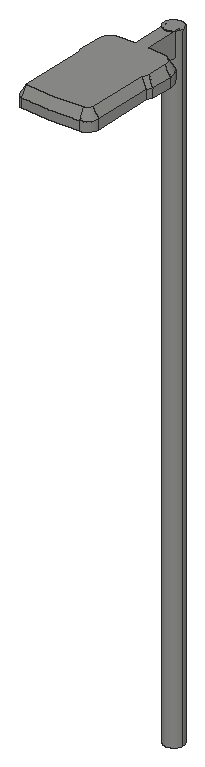
Revit family "VP-2-A_", category Lighting Fixtures, host Face, Revit 2019
Family settings
  Host = Face
  Round Connector Dimension = Use Diameter
  Part Type = Normal
  OmniClass Number = 23.80.70.11.14.17
  OmniClass Title = Direct/Indirect
  Cut with Voids When Loaded = No
  Light Source = No
  Shared = Yes
  Room Calculation Point = No
Parameters (values of type "VP-2-A3")
  Wattage Comments = "168 W"  # constant formula
  Warranty = "Five year warranty"  # constant formula
  Voltage = 120 V
  URL = "https://www.currentlighting.com/beacon"
  Type Comments = "Lighting Fixture"  # constant formula
  Product Page URL = "https://www.currentlighting.com/outdoor-lighting/viper-area-size-2/9606404"
  Product Documentation Link = "https://cdn.currentlighting.com/site/specsheet/BEA_VIPERSPEC.pdf"
  Pole Radius [instance] = Pole Diameter / 2  # 1.75"
  Power Factor = 0.9
  Pole Height [instance] = 120.00"
  Name = "Viper Area Size 2"  # constant formula
  Model = "VP-2-A3"
  Matt Grey = MATT GREY
  Matt Black = Matt Black
  Manufacturer = "Current Lighting"  # constant formula
  Load Classification = Lighting
  Light Output = 12704.00 cd/m²
  Lamp = "LED"  # constant formula
  Grey = Grey
  Glass = Glass
  Pole Diameter [instance] = 3.50"
  Features = "Featuring two different optical technologies, Micro Strike and Strike Optics, which provide the best distribution patterns for retrofit or new construction\r\nVibration rated for high vibration applications including bridges and overpasses\r\nControl options including photo control, occupancy sensing, NX Lighting Controls, wiSCAPE and 7-Pin with networked controls\r\nMounting options include: Arm, Universal Arm, Adjustable Arm, Mast Arm, Decorative Arm, Knuckle, Trunnion, Wall\r\nDistribution options include: Auto Front Row, Type 2, Type 3, Type 4 Forward, Type 4 Wide, Type 5 Narrow, Type 5 Medium, Type 5 Wide, Type 5 Rectangular, Corner Optic, and Tennis Court\r\n\r\n"  # constant formula
  Copyright = "© 2022 Current Lighting"  # constant formula
  Cool Grey = Cool Grey
  Contact Us = "https://www.currentlighting.com/contact-us"
  Certification = "UL"  # constant formula
  Description = "The Viper is an extremely versatile area/site luminaire which blends design, performance, and technology for a variety of applications."  # constant formula
  Default Elevation = 48.00"
  Finish = Arctic White
  Matt White = Matt White
  CRI = "70"  # constant formula
  Brand = "Beacon"  # constant formula
  Assembly Code = "D5020200"
  Apparent Load = 168 VA  # constant formula
Reference planes (in)
  plane 1 "Center (Front/Back)": y = 6.16697
  plane 2: z = 0
  plane 3 "Center (Left/Right)": x = 0
  plane 4: z = 3.75
  plane 5: z = -4.44
  plane 6: x = -1.75
  plane 7: x = 1.75
  plane 8: y = 4.41697
  plane 9: y = 7.91697
  plane 10: z = 120
Forms (in)
  Extrusion 1, solid, material "Cool Grey" <- "Cool Grey"
    sketch origin (0, 0, 0) x (1, 0, 0) y (0, 1, 0)
      loop
        circle (0, 6.16697) r 1.75
    from 0 to 120
Lines and regions (in)
  reference lines
    curve 1: line (0, 14.42606, -3.25) -> (0, 17.42606, -0.25)
    curve 2: line (0, -2.09213, -3.25) -> (0, 14.42606, -3.25)
    curve 3: line (0, -5.09213, -0.25) -> (0, -2.09213, -3.25)
    curve 4: line (0, 14.42606, -3.25) -> (0, 17.42606, -0.25)
    curve 5: line (0, -5.09213, -0.25) -> (0, 17.42606, -0.25)
    curve 6: line (0, 17.17606, -0.77432) -> (0, 17.92606, -0.77432)
    curve 7: line (0, 17.17606, -1.52432) -> (0, 17.17606, -0.77432)
    curve 8: line (0, 16.69614, -1.52432) -> (0, 17.17606, -1.52432)
    curve 9: line (0, 14.92606, -4.25) -> (0, 16.69614, -1.52432)
    curve 10: line (0, -4.3622, -1.52432) -> (0, -2.59213, -4.25)
    curve 11: line (0, -4.84213, -1.52432) -> (0, -4.3622, -1.52432)
    curve 12: line (0, -4.84213, -0.77432) -> (0, -4.84213, -1.52432)
    curve 13: line (0, -5.59213, -0.77432) -> (0, -4.84213, -0.77432)
Dimensions and locks (in)
  plane 4 to plane 2 = 3.75"
  "Pole Diameter": plane 8 to plane 9
  equal spacing: plane 8, plane 1 "Center (Front/Back)", plane 9
  equal spacing: plane 6, plane 3 "Center (Left/Right)", plane 7
  "Pole Diameter": plane 6 to plane 7
  "Pole Height": plane 10 to plane 2
  "Pole Radius": radius of Extrusion 1 sketch curve
  aligned and locked: plane 2 to host face
  aligned and locked: level to host face
  aligned and locked: plane 10 to Extrusion 1
  aligned and locked: plane 3 "Center (Left/Right)" to nested 1
  aligned and locked: nested 1 to plane 10
Automatic sketch dimensions
  host sketch curve to host sketch curve = 96.00"
  host sketch curve to host sketch curve = 85.00"
  curve 3 to level = 0.25"
  plane 8 to curve 3 = 9.50909"
  curve 3 to curve 12 = 0.25"
  curve 11 to curve 11 = 0.47992"
  curve 2 to plane 5 = 1.19"
  curve 10 to curve 2 = 2.27008"
  curve 1 to plane 9 = 6.50909"
  curve 9 to level = 1.52432"
  curve 1 to curve 9 = 2.27008"
  curve 8 to curve 8 = 0.47992"
  curve 6 to curve 4 = 0.25"
  curve 10 to curve 3 = 1.27432"
  curve 7 to curve 1 = 0.52432"
  curve 12 to curve 3 = 0.52432"
  curve 13 to curve 3 = 0.50"
  curve 10 to plane 5 = 0.19"
  curve 10 to curve 2 = 0.50"
  curve 9 to plane 5 = 0.19"
  curve 1 to curve 9 = 0.50"
  curve 1 to curve 6 = 0.50"
  plane 1 "Center (Front/Back)" to Extrusion 1 sketch curve = 0.00"
  Extrusion 1 sketch curve to plane 3 "Center (Left/Right)" = 0.00"
Nested families (in)
  nested 1: "SIZE2" at (0, 4.41697, 118.26) x (1, 0, 0) z (0, -1, 0), type "SIZE2"
Connectors (in)
  electrical at (0, 6.16697, 0), driven by "Power Factor", driven by "Apparent Load", driven by "Voltage"
    settings: on Extrusion 1, index 1, voltage 120 V, apparent load 168 VA, apparent load phase1 0 VA, apparent load phase2 0 VA, apparent load phase3 0 VA, power factor 0.9, load classification "Other", number of poles 1, system type 30, power factor state 1, is connector primary yes, connector utility no, sub classification motor no, connector description "Light Fixture"
Definition of nested family "SIZE2"
  Parameters (values of type "SIZE2")
    Width = 14.38"
    Wattage = 168 W
    built-in parameter 1150110 = 1 (stored number, unit not read)
    built-in parameter 1114217 = 1 (stored number, unit not read)
    Tilt Angle = 160.00°
    built-in parameter 1150109 = 1 (stored number, unit not read)
    built-in parameter 1150134 = 3
    built-in parameter 1150113 = 1 (stored number, unit not read)
    Photometric Web File = "VP-2-320L-170-3K7-4-BC.ies"
    Mount Length = 5.00"
    built-in parameter 1150105 = 1016 (stored number, unit not read)
    Lumens = 12768 lm
    built-in parameter 1150115 = 1 (stored number, unit not read)
    built-in parameter 1150137 = (empty or 0)
    built-in parameter 1150139 = (empty or 0)
    Length = 21.88"
    built-in parameter 1150112 = 1 (stored number, unit not read)
    built-in parameter 1150114 = 1 (stored number, unit not read)
    built-in parameter 1150132 = (empty or 0)
    built-in parameter 1150102 = (empty or 0)
    built-in parameter 1150107 = 3200 (stored number, unit not read)
    built-in parameter 1150138 = (empty or 0)
    built-in parameter 1150106 = 10.16 (stored number, unit not read)
    Glass = none
    Fixture = none
    built-in parameter 1150104 = 7.0606 (stored number, unit not read)
    Dimming Lamp Color Temperature Shift = (empty or 0)
    Default Elevation = 48.00"
    Color Filter = 16777215
    built-in parameter 1114218 = 1 (stored number, unit not read)
    built-in parameter 1150133 = 10 (stored number, unit not read)
  Reference planes (in)
    plane 1 "Center (Front/Back)": y = 0
    plane 2: z = 0
    plane 3 "Center (Left/Right)": x = 0
    plane 4: x = 7.19
    plane 5: x = -7.19
    plane 6: z = 5
    plane 7: z = 26.88
    plane 8: y = -1.74
    plane 9: y = 1.74
  Forms (in)
    Extrusion 1, solid
      sketch origin (0, 0, 0) x (1, 0, 0) y (0, 1, 0)
        loop
          line (-48, 48) -> (-48, -48) -> (48, -48) -> (48, 48) -> (-48, 48)
      from 0 to -12
    Extrusion 2, solid, material <- "Fixture"
      sketch origin (0, 0, 0) x (1, 0, 0) y (0, 0, 1)
        loop
          line (-6.90972, 13.22202) -> (-7.315, 12.17799) -> (-7.315, 8.14521)
          arc (-7.315, 8.14521) -> (-6.65907, 6.18733) -> (-4.95604, 5.01974) r 3.25
          arc (-4.95604, 5.01974) -> (0, 4.60164) -> (4.95604, 5.01974) r 29.58274
          arc (4.95604, 5.01974) -> (6.65907, 6.18733) -> (7.315, 8.14521) r 3.25
          line (7.315, 8.14521) -> (7.315, 12.17799) -> (6.8775, 13.30502) -> (6.8775, 24.46879)
          arc (6.8775, 24.46879) -> (6.31653, 25.85775) -> (4.9483, 26.46754) r 2
          arc (4.9483, 26.46754) -> (-0.47287, 26.80918) -> (-5.88692, 26.36884) r 37.73107
          arc (-5.88692, 26.36884) -> (-6.62058, 25.93919) -> (-6.90972, 25.13966) r 1.25
          line (-6.90972, 25.13966) -> (-6.90972, 13.22202)
      from 0 to 1.74
    Extrusion 3, solid, material <- "Fixture"
      sketch origin (0, 0, 0) x (0, 1, 0) y (0, 0, 1)
        loop
          line (1.74, 5.63918) -> (-1.6273, 5.63918) -> (-2.86955, -1.406) -> (1.74, -1.406) -> (1.74, 5.63918)
      from -1.24 to 1.24
    Extrusion 4, void
      sketch origin (0, 0, 1.125) x (1, 0, 0) y (0, 0, 1)
        loop
          line (-5.94707, 9.88637) -> (-5.94707, 8.88637)
          arc (-5.94707, 8.88637) -> (-0.00354, 7.88584) -> (5.94, 8.88637) r 18.15382
          line (5.94, 8.88637) -> (5.94, 9.88637)
          arc (5.94, 9.88637) -> (-0.00354, 8.88584) -> (-5.94707, 9.88637) r 18.15382
        loop
          line (-5.85535, 7.87828) -> (-5.85535, 7.60486)
          arc (-5.85535, 7.60486) -> (0.0002, 6.63584) -> (5.85535, 7.60727) r 18.15382
          line (5.85535, 7.60727) -> (5.85535, 7.88068)
          arc (5.85535, 7.88068) -> (0.0002, 6.91466) -> (-5.85535, 7.87828) r 18.25
        loop
          line (-5.85535, 7.12828) -> (-5.85535, 6.85486)
          arc (-5.85535, 6.85486) -> (0.0002, 5.88584) -> (5.85535, 6.85727) r 18.15382
          line (5.85535, 6.85727) -> (5.85535, 7.13068)
          arc (5.85535, 7.13068) -> (0.0002, 6.16466) -> (-5.85535, 7.12828) r 18.25
      from 1 to 1.75
    Blend 5, solid, material <- "Fixture"
      base sketch origin (0, 0, 0) x (1, 0, 0) y (0, 0, 1)
        loop
          arc (6.8775, 24.46879) -> (6.31653, 25.85775) -> (4.9483, 26.46754) r 2
          arc (4.9483, 26.46754) -> (-0.47287, 26.80918) -> (-5.88692, 26.36884) r 37.73107
          arc (-5.88692, 26.36884) -> (-6.62058, 25.93919) -> (-6.90972, 25.13966) r 1.25
          line (-6.90972, 25.13966) -> (-6.90972, 13.22202) -> (-7.315, 12.17799) -> (-7.315, 8.14521)
          arc (-7.315, 8.14521) -> (-6.65907, 6.18733) -> (-4.95604, 5.01974) r 3.25
          arc (-4.95604, 5.01974) -> (0, 4.60164) -> (4.95604, 5.01974) r 29.58274
          arc (4.95604, 5.01974) -> (6.65907, 6.18733) -> (7.315, 8.14521) r 3.25
          line (7.315, 8.14521) -> (7.315, 12.17799) -> (6.8775, 13.30502) -> (6.8775, 24.46879)
      top sketch origin (0, 0, 0) x (1, 0, 0) y (0, 0, 1)
        loop
          arc (5.8775, 24.46879) -> (5.58249, 25.17801) -> (4.87152, 25.46878) r 1
          arc (4.87152, 25.46878) -> (-0.42416, 25.80959) -> (-5.71369, 25.38377) r 36.73111
          arc (-5.71369, 25.38377) -> (-5.85465, 25.2962) -> (-5.90972, 25.13966) r 0.25
          line (-5.90972, 25.13966) -> (-5.90972, 13.03474) -> (-6.315, 11.99071) -> (-6.315, 8.14521)
          arc (-6.315, 8.14521) -> (-5.87115, 6.80345) -> (-4.71471, 5.99106) r 2.25
          arc (-4.71471, 5.99106) -> (0, 5.59956) -> (4.71471, 5.99106) r 28.58482
          arc (4.71471, 5.99106) -> (5.87115, 6.80345) -> (6.315, 8.14521) r 2.25
          line (6.315, 8.14521) -> (6.315, 11.99071) -> (5.8775, 13.11774) -> (5.8775, 24.46879)
      from 0 to -1.74
    Extrusion 6, void
      sketch origin (0, 0, 0) x (1, 0, 0) y (0, 0, 1)
        loop
          arc (-5.91108, 12.63948) -> (0.07704, 12.98149) -> (6.065, 12.63674) r 52.38328
          line (6.065, 12.63674) -> (6.065, 24.56182) -> (-5.91108, 24.56182) -> (-5.91108, 12.63948)
      from 1 to 1.75
    Extrusion 7, solid, material <- "Glass"
      sketch origin (0, 0, -0.25) x (1, 0, 0) y (0, 0, 1)
        loop
          arc (-5.06487, 24.56182) -> (-5.31236, 24.45931) -> (-5.41487, 24.21182) r 0.35
          line (-5.41487, 24.21182) -> (-5.41487, 19.16182)
          arc (-5.41487, 19.16182) -> (-5.31236, 18.91434) -> (-5.06487, 18.81182) r 0.35
          line (-5.06487, 18.81182) -> (5.11803, 18.81182)
          arc (5.11803, 18.81182) -> (5.36552, 18.91434) -> (5.46803, 19.16182) r 0.35
          line (5.46803, 19.16182) -> (5.46803, 24.21182)
          arc (5.46803, 24.21182) -> (5.36552, 24.45931) -> (5.11803, 24.56182) r 0.35
          line (5.11803, 24.56182) -> (-5.06487, 24.56182)
      from 1 to 1.35
    Extrusion 8, solid, material <- "Glass"
      sketch origin (0, 0, -0.25) x (1, 0, 0) y (0, 0, 1)
        loop
          circle (-4.85829, 23.73694) r 0.15
        loop
          circle (-4.33955, 23.73694) r 0.15
        loop
          circle (-3.8208, 23.73694) r 0.15
        loop
          circle (-3.30205, 23.73694) r 0.15
        loop
          circle (-2.7833, 23.73694) r 0.15
        loop
          circle (-2.26455, 23.73694) r 0.15
        loop
          circle (-1.7458, 23.73694) r 0.15
        loop
          circle (-1.22705, 23.73694) r 0.15
        loop
          circle (-0.70831, 23.73694) r 0.15
        loop
          circle (-4.85829, 23.23694) r 0.15
        loop
          circle (-4.33955, 23.23694) r 0.15
        loop
          circle (-3.8208, 23.23694) r 0.15
        loop
          circle (-3.30205, 23.23694) r 0.15
        loop
          circle (-2.7833, 23.23694) r 0.15
        loop
          circle (-2.26455, 23.23694) r 0.15
        loop
          circle (-1.7458, 23.23694) r 0.15
        loop
          circle (-1.22705, 23.23694) r 0.15
        loop
          circle (-0.70831, 23.23694) r 0.15
        loop
          circle (-4.85829, 22.73694) r 0.15
        loop
          circle (-4.33955, 22.73694) r 0.15
        loop
          circle (-3.8208, 22.73694) r 0.15
        loop
          circle (-3.30205, 22.73694) r 0.15
        loop
          circle (-2.7833, 22.73694) r 0.15
        loop
          circle (-2.26455, 22.73694) r 0.15
        loop
          circle (-1.7458, 22.73694) r 0.15
        loop
          circle (-1.22705, 22.73694) r 0.15
        loop
          circle (-0.70831, 22.73694) r 0.15
        loop
          circle (-4.85829, 22.23694) r 0.15
        loop
          circle (-4.33955, 22.23694) r 0.15
        loop
          circle (-3.8208, 22.23694) r 0.15
        loop
          circle (-3.30205, 22.23694) r 0.15
        loop
          circle (-2.7833, 22.23694) r 0.15
        loop
          circle (-2.26455, 22.23694) r 0.15
        loop
          circle (-1.7458, 22.23694) r 0.15
        loop
          circle (-1.22705, 22.23694) r 0.15
        loop
          circle (-0.70831, 22.23694) r 0.15
        loop
          circle (-4.85829, 21.73694) r 0.15
        loop
          circle (-4.33955, 21.73694) r 0.15
        loop
          circle (-3.8208, 21.73694) r 0.15
        loop
          circle (-3.30205, 21.73694) r 0.15
        loop
          circle (-2.7833, 21.73694) r 0.15
        loop
          circle (-2.26455, 21.73694) r 0.15
        loop
          circle (-1.7458, 21.73694) r 0.15
        loop
          circle (-1.22705, 21.73694) r 0.15
        loop
          circle (-0.70831, 21.73694) r 0.15
        loop
          circle (-4.85829, 21.23694) r 0.15
        loop
          circle (-4.33955, 21.23694) r 0.15
        loop
          circle (-3.8208, 21.23694) r 0.15
        loop
          circle (-3.30205, 21.23694) r 0.15
        loop
          circle (-2.7833, 21.23694) r 0.15
        loop
          circle (-2.26455, 21.23694) r 0.15
        loop
          circle (-1.7458, 21.23694) r 0.15
        loop
          circle (-1.22705, 21.23694) r 0.15
        loop
          circle (-0.70831, 21.23694) r 0.15
        loop
          circle (-4.85829, 20.73694) r 0.15
        loop
          circle (-4.33955, 20.73694) r 0.15
        loop
          circle (-3.8208, 20.73694) r 0.15
        loop
          circle (-3.30205, 20.73694) r 0.15
        loop
          circle (-2.7833, 20.73694) r 0.15
        loop
          circle (-2.26455, 20.73694) r 0.15
        loop
          circle (-1.7458, 20.73694) r 0.15
        loop
          circle (-1.22705, 20.73694) r 0.15
        loop
          circle (-0.70831, 20.73694) r 0.15
        loop
          circle (-4.85829, 20.23694) r 0.15
        loop
          circle (-4.33955, 20.23694) r 0.15
        loop
          circle (-3.8208, 20.23694) r 0.15
        loop
          circle (-3.30205, 20.23694) r 0.15
        loop
          circle (-2.7833, 20.23694) r 0.15
        loop
          circle (-2.26455, 20.23694) r 0.15
        loop
          circle (-1.7458, 20.23694) r 0.15
        loop
          circle (-1.22705, 20.23694) r 0.15
        loop
          circle (-0.70831, 20.23694) r 0.15
        loop
          circle (-4.85829, 19.73694) r 0.15
        loop
          circle (-4.33955, 19.73694) r 0.15
        loop
          circle (-3.8208, 19.73694) r 0.15
        loop
          circle (-3.30205, 19.73694) r 0.15
        loop
          circle (-2.7833, 19.73694) r 0.15
        loop
          circle (-2.26455, 19.73694) r 0.15
        loop
          circle (-1.7458, 19.73694) r 0.15
        loop
          circle (-1.22705, 19.73694) r 0.15
        loop
          circle (-0.70831, 19.73694) r 0.15
      from 1.35 to 1.4
    Extrusion 9, solid, material <- "Glass"
      sketch origin (0, 0, -0.25) x (-1, 0, 0) y (0, 0, -1)
        loop
          circle (-4.85829, -23.73694) r 0.15
        loop
          circle (-4.33955, -23.73694) r 0.15
        loop
          circle (-3.8208, -23.73694) r 0.15
        loop
          circle (-3.30205, -23.73694) r 0.15
        loop
          circle (-2.7833, -23.73694) r 0.15
        loop
          circle (-2.26455, -23.73694) r 0.15
        loop
          circle (-1.7458, -23.73694) r 0.15
        loop
          circle (-1.22705, -23.73694) r 0.15
        loop
          circle (-0.70831, -23.73694) r 0.15
        loop
          circle (-4.85829, -23.23694) r 0.15
        loop
          circle (-4.33955, -23.23694) r 0.15
        loop
          circle (-3.8208, -23.23694) r 0.15
        loop
          circle (-3.30205, -23.23694) r 0.15
        loop
          circle (-2.7833, -23.23694) r 0.15
        loop
          circle (-2.26455, -23.23694) r 0.15
        loop
          circle (-1.7458, -23.23694) r 0.15
        loop
          circle (-1.22705, -23.23694) r 0.15
        loop
          circle (-0.70831, -23.23694) r 0.15
        loop
          circle (-4.85829, -22.73694) r 0.15
        loop
          circle (-4.33955, -22.73694) r 0.15
        loop
          circle (-3.8208, -22.73694) r 0.15
        loop
          circle (-3.30205, -22.73694) r 0.15
        loop
          circle (-2.7833, -22.73694) r 0.15
        loop
          circle (-2.26455, -22.73694) r 0.15
        loop
          circle (-1.7458, -22.73694) r 0.15
        loop
          circle (-1.22705, -22.73694) r 0.15
        loop
          circle (-0.70831, -22.73694) r 0.15
        loop
          circle (-4.85829, -22.23694) r 0.15
        loop
          circle (-4.33955, -22.23694) r 0.15
        loop
          circle (-3.8208, -22.23694) r 0.15
        loop
          circle (-3.30205, -22.23694) r 0.15
        loop
          circle (-2.7833, -22.23694) r 0.15
        loop
          circle (-2.26455, -22.23694) r 0.15
        loop
          circle (-1.7458, -22.23694) r 0.15
        loop
          circle (-1.22705, -22.23694) r 0.15
        loop
          circle (-0.70831, -22.23694) r 0.15
        loop
          circle (-4.85829, -21.73694) r 0.15
        loop
          circle (-4.33955, -21.73694) r 0.15
        loop
          circle (-3.8208, -21.73694) r 0.15
        loop
          circle (-3.30205, -21.73694) r 0.15
        loop
          circle (-2.7833, -21.73694) r 0.15
        loop
          circle (-2.26455, -21.73694) r 0.15
        loop
          circle (-1.7458, -21.73694) r 0.15
        loop
          circle (-1.22705, -21.73694) r 0.15
        loop
          circle (-0.70831, -21.73694) r 0.15
        loop
          circle (-4.85829, -21.23694) r 0.15
        loop
          circle (-4.33955, -21.23694) r 0.15
        loop
          circle (-3.8208, -21.23694) r 0.15
        loop
          circle (-3.30205, -21.23694) r 0.15
        loop
          circle (-2.7833, -21.23694) r 0.15
        loop
          circle (-2.26455, -21.23694) r 0.15
        loop
          circle (-1.7458, -21.23694) r 0.15
        loop
          circle (-1.22705, -21.23694) r 0.15
        loop
          circle (-0.70831, -21.23694) r 0.15
        loop
          circle (-4.85829, -20.73694) r 0.15
        loop
          circle (-4.33955, -20.73694) r 0.15
        loop
          circle (-3.8208, -20.73694) r 0.15
        loop
          circle (-3.30205, -20.73694) r 0.15
        loop
          circle (-2.7833, -20.73694) r 0.15
        loop
          circle (-2.26455, -20.73694) r 0.15
        loop
          circle (-1.7458, -20.73694) r 0.15
        loop
          circle (-1.22705, -20.73694) r 0.15
        loop
          circle (-0.70831, -20.73694) r 0.15
        loop
          circle (-4.85829, -20.23694) r 0.15
        loop
          circle (-4.33955, -20.23694) r 0.15
        loop
          circle (-3.8208, -20.23694) r 0.15
        loop
          circle (-3.30205, -20.23694) r 0.15
        loop
          circle (-2.7833, -20.23694) r 0.15
        loop
          circle (-2.26455, -20.23694) r 0.15
        loop
          circle (-1.7458, -20.23694) r 0.15
        loop
          circle (-1.22705, -20.23694) r 0.15
        loop
          circle (-0.70831, -20.23694) r 0.15
        loop
          circle (-4.85829, -19.73694) r 0.15
        loop
          circle (-4.33955, -19.73694) r 0.15
        loop
          circle (-3.8208, -19.73694) r 0.15
        loop
          circle (-3.30205, -19.73694) r 0.15
        loop
          circle (-2.7833, -19.73694) r 0.15
        loop
          circle (-2.26455, -19.73694) r 0.15
        loop
          circle (-1.7458, -19.73694) r 0.15
        loop
          circle (-1.22705, -19.73694) r 0.15
        loop
          circle (-0.70831, -19.73694) r 0.15
      from 1.35 to 1.4
    Extrusion 10, solid, material <- "Glass"
      sketch origin (0, 0, -0.25) x (1, 0, 0) y (0, 0, 1)
        loop
          arc (-5.04655, 24.2409) -> (-5.22333, 24.16768) -> (-5.29655, 23.9909) r 0.25
          line (-5.29655, 23.9909) -> (-5.29655, 19.4909)
          arc (-5.29655, 19.4909) -> (-5.22333, 19.31412) -> (-5.04655, 19.2409) r 0.25
          line (-5.04655, 19.2409) -> (-0.54655, 19.2409)
          arc (-0.54655, 19.2409) -> (-0.36977, 19.31412) -> (-0.29655, 19.4909) r 0.25
          line (-0.29655, 19.4909) -> (-0.29655, 23.9909)
          arc (-0.29655, 23.9909) -> (-0.36977, 24.16768) -> (-0.54655, 24.2409) r 0.25
          line (-0.54655, 24.2409) -> (-5.04655, 24.2409)
      from 1.35 to 1.37213
    Extrusion 11, solid, material <- "Glass"
      sketch origin (0, 0, -0.25) x (-1, 0, 0) y (0, 0, -1)
        loop
          line (-5.04655, -24.2409) -> (-0.54655, -24.2409)
          arc (-0.54655, -24.2409) -> (-0.36977, -24.16768) -> (-0.29655, -23.9909) r 0.25
          line (-0.29655, -23.9909) -> (-0.29655, -19.4909)
          arc (-0.29655, -19.4909) -> (-0.36977, -19.31412) -> (-0.54655, -19.2409) r 0.25
          line (-0.54655, -19.2409) -> (-5.04655, -19.2409)
          arc (-5.04655, -19.2409) -> (-5.22333, -19.31412) -> (-5.29655, -19.4909) r 0.25
          line (-5.29655, -19.4909) -> (-5.29655, -23.9909)
          arc (-5.29655, -23.9909) -> (-5.22333, -24.16768) -> (-5.04655, -24.2409) r 0.25
      from 1.35 to 1.37213
    Extrusion 12, solid, material <- "Fixture"
      sketch origin (0.125, 0, -0.375) x (1, 0, 0) y (0, 1, 0)
        loop
          line (5.34818, -1) -> (5.34818, -1.20146)
          arc (5.34818, -1.20146) -> (5.35492, -1.23973) -> (5.37436, -1.27339) r 0.1119
          line (5.37436, -1.27339) -> (5.73492, -1.70309)
          arc (5.73492, -1.70309) -> (5.76289, -1.72455) -> (5.79732, -1.73219) r 0.08147
          line (5.79732, -1.73219) -> (5.94, -1.73219) -> (5.94, -1) -> (5.34818, -1)
      from 18.55 to 18.65
    Extrusion 13, solid, material <- "Fixture"
      sketch origin (0.125, 0, -1.27739) x (1, 0, 0) y (0, 1, 0)
        loop
          line (5.34818, -1) -> (5.34818, -1.20146)
          arc (5.34818, -1.20146) -> (5.35492, -1.23973) -> (5.37436, -1.27339) r 0.1119
          line (5.37436, -1.27339) -> (5.73492, -1.70309)
          arc (5.73492, -1.70309) -> (5.76289, -1.72455) -> (5.79732, -1.73219) r 0.08147
          line (5.79732, -1.73219) -> (5.94, -1.73219) -> (5.94, -1) -> (5.34818, -1)
      from 18.55 to 18.65
    Extrusion 14, solid, material <- "Fixture"
      sketch origin (0.125, 0, -2.16921) x (1, 0, 0) y (0, 1, 0)
        loop
          line (5.34818, -1) -> (5.34818, -1.20146)
          arc (5.34818, -1.20146) -> (5.35492, -1.23973) -> (5.37436, -1.27339) r 0.1119
          line (5.37436, -1.27339) -> (5.73492, -1.70309)
          arc (5.73492, -1.70309) -> (5.76289, -1.72455) -> (5.79732, -1.73219) r 0.08147
          line (5.79732, -1.73219) -> (5.94, -1.73219) -> (5.94, -1) -> (5.34818, -1)
      from 18.55 to 18.65
    Extrusion 15, solid, material <- "Fixture"
      sketch origin (0.125, 0, -3.06103) x (1, 0, 0) y (0, 1, 0)
        loop
          line (5.34818, -1) -> (5.34818, -1.20146)
          arc (5.34818, -1.20146) -> (5.35492, -1.23973) -> (5.37436, -1.27339) r 0.1119
          line (5.37436, -1.27339) -> (5.73492, -1.70309)
          arc (5.73492, -1.70309) -> (5.76289, -1.72455) -> (5.79732, -1.73219) r 0.08147
          line (5.79732, -1.73219) -> (5.94, -1.73219) -> (5.94, -1) -> (5.34818, -1)
      from 18.55 to 18.65
    Extrusion 16, solid, material <- "Fixture"
      sketch origin (0.125, 0, -3.95181) x (1, 0, 0) y (0, 1, 0)
        loop
          line (5.34818, -1) -> (5.34818, -1.20146)
          arc (5.34818, -1.20146) -> (5.35492, -1.23973) -> (5.37436, -1.27339) r 0.1119
          line (5.37436, -1.27339) -> (5.73492, -1.70309)
          arc (5.73492, -1.70309) -> (5.76289, -1.72455) -> (5.79732, -1.73219) r 0.08147
          line (5.79732, -1.73219) -> (5.94, -1.73219) -> (5.94, -1) -> (5.34818, -1)
      from 18.55 to 18.65
    Extrusion 17, solid, material <- "Fixture"
      sketch origin (-0.125, 0, -0.375) x (-1, 0, 0) y (0, -1, 0)
        loop
          line (5.34818, 1) -> (5.94, 1) -> (5.94, 1.73219) -> (5.79732, 1.73219)
          arc (5.79732, 1.73219) -> (5.76289, 1.72455) -> (5.73492, 1.70309) r 0.08147
          line (5.73492, 1.70309) -> (5.37436, 1.27339)
          arc (5.37436, 1.27339) -> (5.35492, 1.23973) -> (5.34818, 1.20146) r 0.1119
          line (5.34818, 1.20146) -> (5.34818, 1)
      from 18.55 to 18.65
    Extrusion 18, solid, material <- "Fixture"
      sketch origin (-0.125, 0, -1.27739) x (-1, 0, 0) y (0, -1, 0)
        loop
          line (5.34818, 1) -> (5.94, 1) -> (5.94, 1.73219) -> (5.79732, 1.73219)
          arc (5.79732, 1.73219) -> (5.76289, 1.72455) -> (5.73492, 1.70309) r 0.08147
          line (5.73492, 1.70309) -> (5.37436, 1.27339)
          arc (5.37436, 1.27339) -> (5.35492, 1.23973) -> (5.34818, 1.20146) r 0.1119
          line (5.34818, 1.20146) -> (5.34818, 1)
      from 18.55 to 18.65
    Extrusion 19, solid, material <- "Fixture"
      sketch origin (-0.125, 0, -2.16921) x (-1, 0, 0) y (0, -1, 0)
        loop
          line (5.34818, 1) -> (5.94, 1) -> (5.94, 1.73219) -> (5.79732, 1.73219)
          arc (5.79732, 1.73219) -> (5.76289, 1.72455) -> (5.73492, 1.70309) r 0.08147
          line (5.73492, 1.70309) -> (5.37436, 1.27339)
          arc (5.37436, 1.27339) -> (5.35492, 1.23973) -> (5.34818, 1.20146) r 0.1119
          line (5.34818, 1.20146) -> (5.34818, 1)
      from 18.55 to 18.65
    Extrusion 20, solid, material <- "Fixture"
      sketch origin (-0.125, 0, -3.06103) x (-1, 0, 0) y (0, -1, 0)
        loop
          line (5.34818, 1) -> (5.94, 1) -> (5.94, 1.73219) -> (5.79732, 1.73219)
          arc (5.79732, 1.73219) -> (5.76289, 1.72455) -> (5.73492, 1.70309) r 0.08147
          line (5.73492, 1.70309) -> (5.37436, 1.27339)
          arc (5.37436, 1.27339) -> (5.35492, 1.23973) -> (5.34818, 1.20146) r 0.1119
          line (5.34818, 1.20146) -> (5.34818, 1)
      from 18.55 to 18.65
    Extrusion 21, solid, material <- "Fixture"
      sketch origin (-0.125, 0, -3.95181) x (-1, 0, 0) y (0, -1, 0)
        loop
          line (5.34818, 1) -> (5.94, 1) -> (5.94, 1.73219) -> (5.79732, 1.73219)
          arc (5.79732, 1.73219) -> (5.76289, 1.72455) -> (5.73492, 1.70309) r 0.08147
          line (5.73492, 1.70309) -> (5.37436, 1.27339)
          arc (5.37436, 1.27339) -> (5.35492, 1.23973) -> (5.34818, 1.20146) r 0.1119
          line (5.34818, 1.20146) -> (5.34818, 1)
      from 18.55 to 18.65
    Extrusion 22, solid, material <- "Fixture"
      sketch origin (0.125, 0, 4.75) x (1, 0, 0) y (0, 1, 0)
        loop
          line (5.34818, -1) -> (5.34818, -1.20146)
          arc (5.34818, -1.20146) -> (5.35492, -1.23973) -> (5.37436, -1.27339) r 0.1119
          line (5.37436, -1.27339) -> (5.73492, -1.70309)
          arc (5.73492, -1.70309) -> (5.76289, -1.72455) -> (5.79732, -1.73219) r 0.08147
          line (5.79732, -1.73219) -> (5.94, -1.73219) -> (5.94, -1) -> (5.34818, -1)
      from 18.55 to 18.65
    Extrusion 23, solid, material <- "Fixture"
      sketch origin (0.125, 0, 3.84761) x (1, 0, 0) y (0, 1, 0)
        loop
          line (5.34818, -1) -> (5.34818, -1.20146)
          arc (5.34818, -1.20146) -> (5.35492, -1.23973) -> (5.37436, -1.27339) r 0.1119
          line (5.37436, -1.27339) -> (5.73492, -1.70309)
          arc (5.73492, -1.70309) -> (5.76289, -1.72455) -> (5.79732, -1.73219) r 0.08147
          line (5.79732, -1.73219) -> (5.94, -1.73219) -> (5.94, -1) -> (5.34818, -1)
      from 18.55 to 18.65
    Extrusion 24, solid, material <- "Fixture"
      sketch origin (0.125, 0, 2.95579) x (1, 0, 0) y (0, 1, 0)
        loop
          line (5.34818, -1) -> (5.34818, -1.20146)
          arc (5.34818, -1.20146) -> (5.35492, -1.23973) -> (5.37436, -1.27339) r 0.1119
          line (5.37436, -1.27339) -> (5.73492, -1.70309)
          arc (5.73492, -1.70309) -> (5.76289, -1.72455) -> (5.79732, -1.73219) r 0.08147
          line (5.79732, -1.73219) -> (5.94, -1.73219) -> (5.94, -1) -> (5.34818, -1)
      from 18.55 to 18.65
    Extrusion 25, solid, material <- "Fixture"
      sketch origin (0.125, 0, 2.06397) x (1, 0, 0) y (0, 1, 0)
        loop
          line (5.34818, -1) -> (5.34818, -1.20146)
          arc (5.34818, -1.20146) -> (5.35492, -1.23973) -> (5.37436, -1.27339) r 0.1119
          line (5.37436, -1.27339) -> (5.73492, -1.70309)
          arc (5.73492, -1.70309) -> (5.76289, -1.72455) -> (5.79732, -1.73219) r 0.08147
          line (5.79732, -1.73219) -> (5.94, -1.73219) -> (5.94, -1) -> (5.34818, -1)
      from 18.55 to 18.65
    Extrusion 26, solid, material <- "Fixture"
      sketch origin (0.125, 0, 1.17319) x (1, 0, 0) y (0, 1, 0)
        loop
          line (5.34818, -1) -> (5.34818, -1.20146)
          arc (5.34818, -1.20146) -> (5.35492, -1.23973) -> (5.37436, -1.27339) r 0.1119
          line (5.37436, -1.27339) -> (5.73492, -1.70309)
          arc (5.73492, -1.70309) -> (5.76289, -1.72455) -> (5.79732, -1.73219) r 0.08147
          line (5.79732, -1.73219) -> (5.94, -1.73219) -> (5.94, -1) -> (5.34818, -1)
      from 18.55 to 18.65
    Extrusion 27, solid, material <- "Fixture"
      sketch origin (-0.125, 0, 4.75) x (-1, 0, 0) y (0, -1, 0)
        loop
          line (5.34818, 1) -> (5.94, 1) -> (5.94, 1.73219) -> (5.79732, 1.73219)
          arc (5.79732, 1.73219) -> (5.76289, 1.72455) -> (5.73492, 1.70309) r 0.08147
          line (5.73492, 1.70309) -> (5.37436, 1.27339)
          arc (5.37436, 1.27339) -> (5.35492, 1.23973) -> (5.34818, 1.20146) r 0.1119
          line (5.34818, 1.20146) -> (5.34818, 1)
      from 18.55 to 18.65
    Extrusion 28, solid, material <- "Fixture"
      sketch origin (-0.125, 0, 3.84761) x (-1, 0, 0) y (0, -1, 0)
        loop
          line (5.34818, 1) -> (5.94, 1) -> (5.94, 1.73219) -> (5.79732, 1.73219)
          arc (5.79732, 1.73219) -> (5.76289, 1.72455) -> (5.73492, 1.70309) r 0.08147
          line (5.73492, 1.70309) -> (5.37436, 1.27339)
          arc (5.37436, 1.27339) -> (5.35492, 1.23973) -> (5.34818, 1.20146) r 0.1119
          line (5.34818, 1.20146) -> (5.34818, 1)
      from 18.55 to 18.65
    Extrusion 29, solid, material <- "Fixture"
      sketch origin (-0.125, 0, 2.95579) x (-1, 0, 0) y (0, -1, 0)
        loop
          line (5.34818, 1) -> (5.94, 1) -> (5.94, 1.73219) -> (5.79732, 1.73219)
          arc (5.79732, 1.73219) -> (5.76289, 1.72455) -> (5.73492, 1.70309) r 0.08147
          line (5.73492, 1.70309) -> (5.37436, 1.27339)
          arc (5.37436, 1.27339) -> (5.35492, 1.23973) -> (5.34818, 1.20146) r 0.1119
          line (5.34818, 1.20146) -> (5.34818, 1)
      from 18.55 to 18.65
    Extrusion 30, solid, material <- "Fixture"
      sketch origin (-0.125, 0, 2.06397) x (-1, 0, 0) y (0, -1, 0)
        loop
          line (5.34818, 1) -> (5.94, 1) -> (5.94, 1.73219) -> (5.79732, 1.73219)
          arc (5.79732, 1.73219) -> (5.76289, 1.72455) -> (5.73492, 1.70309) r 0.08147
          line (5.73492, 1.70309) -> (5.37436, 1.27339)
          arc (5.37436, 1.27339) -> (5.35492, 1.23973) -> (5.34818, 1.20146) r 0.1119
          line (5.34818, 1.20146) -> (5.34818, 1)
      from 18.55 to 18.65
    Extrusion 31, solid, material <- "Fixture"
      sketch origin (-0.125, 0, 1.17319) x (-1, 0, 0) y (0, -1, 0)
        loop
          line (5.34818, 1) -> (5.94, 1) -> (5.94, 1.73219) -> (5.79732, 1.73219)
          arc (5.79732, 1.73219) -> (5.76289, 1.72455) -> (5.73492, 1.70309) r 0.08147
          line (5.73492, 1.70309) -> (5.37436, 1.27339)
          arc (5.37436, 1.27339) -> (5.35492, 1.23973) -> (5.34818, 1.20146) r 0.1119
          line (5.34818, 1.20146) -> (5.34818, 1)
      from 18.55 to 18.65
    Extrusion 32, solid, material <- "Glass"
      sketch origin (0, 0, -6) x (1, 0, 0) y (0, 0, 1)
        loop
          arc (-5.06487, 24.56182) -> (-5.31236, 24.45931) -> (-5.41487, 24.21182) r 0.35
          line (-5.41487, 24.21182) -> (-5.41487, 19.16182)
          arc (-5.41487, 19.16182) -> (-5.31236, 18.91434) -> (-5.06487, 18.81182) r 0.35
          line (-5.06487, 18.81182) -> (5.11803, 18.81182)
          arc (5.11803, 18.81182) -> (5.36552, 18.91434) -> (5.46803, 19.16182) r 0.35
          line (5.46803, 19.16182) -> (5.46803, 24.21182)
          arc (5.46803, 24.21182) -> (5.36552, 24.45931) -> (5.11803, 24.56182) r 0.35
          line (5.11803, 24.56182) -> (-5.06487, 24.56182)
      from 1 to 1.35
    Extrusion 33, solid, material <- "Glass"
      sketch origin (0, 0, -6) x (1, 0, 0) y (0, 0, 1)
        loop
          circle (-4.85829, 23.73694) r 0.15
        loop
          circle (-4.33955, 23.73694) r 0.15
        loop
          circle (-3.8208, 23.73694) r 0.15
        loop
          circle (-3.30205, 23.73694) r 0.15
        loop
          circle (-2.7833, 23.73694) r 0.15
        loop
          circle (-2.26455, 23.73694) r 0.15
        loop
          circle (-1.7458, 23.73694) r 0.15
        loop
          circle (-1.22705, 23.73694) r 0.15
        loop
          circle (-0.70831, 23.73694) r 0.15
        loop
          circle (-4.85829, 23.23694) r 0.15
        loop
          circle (-4.33955, 23.23694) r 0.15
        loop
          circle (-3.8208, 23.23694) r 0.15
        loop
          circle (-3.30205, 23.23694) r 0.15
        loop
          circle (-2.7833, 23.23694) r 0.15
        loop
          circle (-2.26455, 23.23694) r 0.15
        loop
          circle (-1.7458, 23.23694) r 0.15
        loop
          circle (-1.22705, 23.23694) r 0.15
        loop
          circle (-0.70831, 23.23694) r 0.15
        loop
          circle (-4.85829, 22.73694) r 0.15
        loop
          circle (-4.33955, 22.73694) r 0.15
        loop
          circle (-3.8208, 22.73694) r 0.15
        loop
          circle (-3.30205, 22.73694) r 0.15
        loop
          circle (-2.7833, 22.73694) r 0.15
        loop
          circle (-2.26455, 22.73694) r 0.15
        loop
          circle (-1.7458, 22.73694) r 0.15
        loop
          circle (-1.22705, 22.73694) r 0.15
        loop
          circle (-0.70831, 22.73694) r 0.15
        loop
          circle (-4.85829, 22.23694) r 0.15
        loop
          circle (-4.33955, 22.23694) r 0.15
        loop
          circle (-3.8208, 22.23694) r 0.15
        loop
          circle (-3.30205, 22.23694) r 0.15
        loop
          circle (-2.7833, 22.23694) r 0.15
        loop
          circle (-2.26455, 22.23694) r 0.15
        loop
          circle (-1.7458, 22.23694) r 0.15
        loop
          circle (-1.22705, 22.23694) r 0.15
        loop
          circle (-0.70831, 22.23694) r 0.15
        loop
          circle (-4.85829, 21.73694) r 0.15
        loop
          circle (-4.33955, 21.73694) r 0.15
        loop
          circle (-3.8208, 21.73694) r 0.15
        loop
          circle (-3.30205, 21.73694) r 0.15
        loop
          circle (-2.7833, 21.73694) r 0.15
        loop
          circle (-2.26455, 21.73694) r 0.15
        loop
          circle (-1.7458, 21.73694) r 0.15
        loop
          circle (-1.22705, 21.73694) r 0.15
        loop
          circle (-0.70831, 21.73694) r 0.15
        loop
          circle (-4.85829, 21.23694) r 0.15
        loop
          circle (-4.33955, 21.23694) r 0.15
        loop
          circle (-3.8208, 21.23694) r 0.15
        loop
          circle (-3.30205, 21.23694) r 0.15
        loop
          circle (-2.7833, 21.23694) r 0.15
        loop
          circle (-2.26455, 21.23694) r 0.15
        loop
          circle (-1.7458, 21.23694) r 0.15
        loop
          circle (-1.22705, 21.23694) r 0.15
        loop
          circle (-0.70831, 21.23694) r 0.15
        loop
          circle (-4.85829, 20.73694) r 0.15
        loop
          circle (-4.33955, 20.73694) r 0.15
        loop
          circle (-3.8208, 20.73694) r 0.15
        loop
          circle (-3.30205, 20.73694) r 0.15
        loop
          circle (-2.7833, 20.73694) r 0.15
        loop
          circle (-2.26455, 20.73694) r 0.15
        loop
          circle (-1.7458, 20.73694) r 0.15
        loop
          circle (-1.22705, 20.73694) r 0.15
        loop
          circle (-0.70831, 20.73694) r 0.15
        loop
          circle (-4.85829, 20.23694) r 0.15
        loop
          circle (-4.33955, 20.23694) r 0.15
        loop
          circle (-3.8208, 20.23694) r 0.15
        loop
          circle (-3.30205, 20.23694) r 0.15
        loop
          circle (-2.7833, 20.23694) r 0.15
        loop
          circle (-2.26455, 20.23694) r 0.15
        loop
          circle (-1.7458, 20.23694) r 0.15
        loop
          circle (-1.22705, 20.23694) r 0.15
        loop
          circle (-0.70831, 20.23694) r 0.15
        loop
          circle (-4.85829, 19.73694) r 0.15
        loop
          circle (-4.33955, 19.73694) r 0.15
        loop
          circle (-3.8208, 19.73694) r 0.15
        loop
          circle (-3.30205, 19.73694) r 0.15
        loop
          circle (-2.7833, 19.73694) r 0.15
        loop
          circle (-2.26455, 19.73694) r 0.15
        loop
          circle (-1.7458, 19.73694) r 0.15
        loop
          circle (-1.22705, 19.73694) r 0.15
        loop
          circle (-0.70831, 19.73694) r 0.15
      from 1.35 to 1.4
    Extrusion 34, solid, material <- "Glass"
      sketch origin (0, 0, -6) x (-1, 0, 0) y (0, 0, -1)
        loop
          circle (-4.85829, -23.73694) r 0.15
        loop
          circle (-4.33955, -23.73694) r 0.15
        loop
          circle (-3.8208, -23.73694) r 0.15
        loop
          circle (-3.30205, -23.73694) r 0.15
        loop
          circle (-2.7833, -23.73694) r 0.15
        loop
          circle (-2.26455, -23.73694) r 0.15
        loop
          circle (-1.7458, -23.73694) r 0.15
        loop
          circle (-1.22705, -23.73694) r 0.15
        loop
          circle (-0.70831, -23.73694) r 0.15
        loop
          circle (-4.85829, -23.23694) r 0.15
        loop
          circle (-4.33955, -23.23694) r 0.15
        loop
          circle (-3.8208, -23.23694) r 0.15
        loop
          circle (-3.30205, -23.23694) r 0.15
        loop
          circle (-2.7833, -23.23694) r 0.15
        loop
          circle (-2.26455, -23.23694) r 0.15
        loop
          circle (-1.7458, -23.23694) r 0.15
        loop
          circle (-1.22705, -23.23694) r 0.15
        loop
          circle (-0.70831, -23.23694) r 0.15
        loop
          circle (-4.85829, -22.73694) r 0.15
        loop
          circle (-4.33955, -22.73694) r 0.15
        loop
          circle (-3.8208, -22.73694) r 0.15
        loop
          circle (-3.30205, -22.73694) r 0.15
        loop
          circle (-2.7833, -22.73694) r 0.15
        loop
          circle (-2.26455, -22.73694) r 0.15
        loop
          circle (-1.7458, -22.73694) r 0.15
        loop
          circle (-1.22705, -22.73694) r 0.15
        loop
          circle (-0.70831, -22.73694) r 0.15
        loop
          circle (-4.85829, -22.23694) r 0.15
        loop
          circle (-4.33955, -22.23694) r 0.15
        loop
          circle (-3.8208, -22.23694) r 0.15
        loop
          circle (-3.30205, -22.23694) r 0.15
        loop
          circle (-2.7833, -22.23694) r 0.15
        loop
          circle (-2.26455, -22.23694) r 0.15
        loop
          circle (-1.7458, -22.23694) r 0.15
        loop
          circle (-1.22705, -22.23694) r 0.15
        loop
          circle (-0.70831, -22.23694) r 0.15
        loop
          circle (-4.85829, -21.73694) r 0.15
        loop
          circle (-4.33955, -21.73694) r 0.15
        loop
          circle (-3.8208, -21.73694) r 0.15
        loop
          circle (-3.30205, -21.73694) r 0.15
        loop
          circle (-2.7833, -21.73694) r 0.15
        loop
          circle (-2.26455, -21.73694) r 0.15
        loop
          circle (-1.7458, -21.73694) r 0.15
        loop
          circle (-1.22705, -21.73694) r 0.15
        loop
          circle (-0.70831, -21.73694) r 0.15
        loop
          circle (-4.85829, -21.23694) r 0.15
        loop
          circle (-4.33955, -21.23694) r 0.15
        loop
          circle (-3.8208, -21.23694) r 0.15
        loop
          circle (-3.30205, -21.23694) r 0.15
        loop
          circle (-2.7833, -21.23694) r 0.15
        loop
          circle (-2.26455, -21.23694) r 0.15
        loop
          circle (-1.7458, -21.23694) r 0.15
        loop
          circle (-1.22705, -21.23694) r 0.15
        loop
          circle (-0.70831, -21.23694) r 0.15
        loop
          circle (-4.85829, -20.73694) r 0.15
        loop
          circle (-4.33955, -20.73694) r 0.15
        loop
          circle (-3.8208, -20.73694) r 0.15
        loop
          circle (-3.30205, -20.73694) r 0.15
        loop
          circle (-2.7833, -20.73694) r 0.15
        loop
          circle (-2.26455, -20.73694) r 0.15
        loop
          circle (-1.7458, -20.73694) r 0.15
        loop
          circle (-1.22705, -20.73694) r 0.15
        loop
          circle (-0.70831, -20.73694) r 0.15
        loop
          circle (-4.85829, -20.23694) r 0.15
        loop
          circle (-4.33955, -20.23694) r 0.15
        loop
          circle (-3.8208, -20.23694) r 0.15
        loop
          circle (-3.30205, -20.23694) r 0.15
        loop
          circle (-2.7833, -20.23694) r 0.15
        loop
          circle (-2.26455, -20.23694) r 0.15
        loop
          circle (-1.7458, -20.23694) r 0.15
        loop
          circle (-1.22705, -20.23694) r 0.15
        loop
          circle (-0.70831, -20.23694) r 0.15
        loop
          circle (-4.85829, -19.73694) r 0.15
        loop
          circle (-4.33955, -19.73694) r 0.15
        loop
          circle (-3.8208, -19.73694) r 0.15
        loop
          circle (-3.30205, -19.73694) r 0.15
        loop
          circle (-2.7833, -19.73694) r 0.15
        loop
          circle (-2.26455, -19.73694) r 0.15
        loop
          circle (-1.7458, -19.73694) r 0.15
        loop
          circle (-1.22705, -19.73694) r 0.15
        loop
          circle (-0.70831, -19.73694) r 0.15
      from 1.35 to 1.4
    Extrusion 35, solid, material <- "Glass"
      sketch origin (0, 0, -6) x (1, 0, 0) y (0, 0, 1)
        loop
          arc (-5.04655, 24.2409) -> (-5.22333, 24.16768) -> (-5.29655, 23.9909) r 0.25
          line (-5.29655, 23.9909) -> (-5.29655, 19.4909)
          arc (-5.29655, 19.4909) -> (-5.22333, 19.31412) -> (-5.04655, 19.2409) r 0.25
          line (-5.04655, 19.2409) -> (-0.54655, 19.2409)
          arc (-0.54655, 19.2409) -> (-0.36977, 19.31412) -> (-0.29655, 19.4909) r 0.25
          line (-0.29655, 19.4909) -> (-0.29655, 23.9909)
          arc (-0.29655, 23.9909) -> (-0.36977, 24.16768) -> (-0.54655, 24.2409) r 0.25
          line (-0.54655, 24.2409) -> (-5.04655, 24.2409)
      from 1.35 to 1.37213
    Extrusion 36, solid, material <- "Glass"
      sketch origin (0, 0, -6) x (-1, 0, 0) y (0, 0, -1)
        loop
          line (-5.04655, -24.2409) -> (-0.54655, -24.2409)
          arc (-0.54655, -24.2409) -> (-0.36977, -24.16768) -> (-0.29655, -23.9909) r 0.25
          line (-0.29655, -23.9909) -> (-0.29655, -19.4909)
          arc (-0.29655, -19.4909) -> (-0.36977, -19.31412) -> (-0.54655, -19.2409) r 0.25
          line (-0.54655, -19.2409) -> (-5.04655, -19.2409)
          arc (-5.04655, -19.2409) -> (-5.22333, -19.31412) -> (-5.29655, -19.4909) r 0.25
          line (-5.29655, -19.4909) -> (-5.29655, -23.9909)
          arc (-5.29655, -23.9909) -> (-5.22333, -24.16768) -> (-5.04655, -24.2409) r 0.25
      from 1.35 to 1.37213
  Cuts and joins
    Extrusion 4, Extrusion 6 cuts Extrusion 2
    Extrusion 6 cuts Extrusion 3
    Extrusion 6 cuts Blend 5
    joined: Extrusion 2, Extrusion 3, Blend 5
  Dimensions and locks (in)
    equal spacing: plane 4, plane 3 "Center (Left/Right)", plane 5
    "Width": plane 4 to plane 5
    "Length": plane 7 to plane 6
    "Mount Length": plane 6 to plane 2
    aligned and locked: plane 2 to Extrusion 1
    aligned and locked: level to Extrusion 1
  Automatic sketch dimensions
    Extrusion 1 sketch curve to Extrusion 1 sketch curve = 96.00"  (x2)
    Extrusion 2 sketch curve to plane 3 "Center (Left/Right)" = 0.00"
    Extrusion 2 sketch curve to plane 3 "Center (Left/Right)" = 0.12919"
    plane 5 to Extrusion 2 sketch curve = 3.125"
    plane 5 to Extrusion 2 sketch curve = 1.53028"
    plane 5 to Extrusion 2 sketch curve = 0.28028"
    Extrusion 2 sketch curve to plane 5 = 0.125"
    Extrusion 2 sketch curve to plane 4 = 3.125"
    Extrusion 2 sketch curve to plane 4 = 2.3125"
    Extrusion 2 sketch curve to plane 4 = 0.3125"
    plane 4 to Extrusion 2 sketch curve = 0.125"
    Extrusion 2 sketch curve to level = 10.92033"
    plane 6 to Extrusion 2 sketch curve = 3.14521"
    Extrusion 2 sketch curve to Extrusion 2 sketch curve = 0.00"
    Extrusion 2 sketch curve to Extrusion 2 sketch curve = 4.03278"  (x2)
    Extrusion 2 sketch curve to Extrusion 2 sketch curve = 1.04403"
    Extrusion 2 sketch curve to Extrusion 2 sketch curve = 1.12703"
    Extrusion 2 sketch curve to plane 7 = 2.41121"
    Extrusion 2 sketch curve to Extrusion 2 sketch curve = 0.67087"
    plane 7 to Extrusion 2 sketch curve = 7.30438"
    plane 6 to Extrusion 2 sketch curve = 0.01974"
    Extrusion 2 sketch curve to plane 7 = 0.51116"
    Extrusion 3 sketch curve to plane 9 = 0.00"
    Extrusion 3 sketch curve to plane 8 = 0.1127"
    plane 8 to Extrusion 3 sketch curve = 1.12955"
    Extrusion 3 sketch curve to level = 1.406"
    plane 6 to Extrusion 3 sketch curve = 0.63918"
    plane 5 to Extrusion 4 sketch curve = 1.24293"
    plane 5 to Extrusion 4 sketch curve = 1.33465"
    Extrusion 4 sketch curve to Extrusion 4 sketch curve = 0.00"  (x2)
    Extrusion 4 sketch curve to plane 3 "Center (Left/Right)" = 0.00354"  (x6)
    Extrusion 4 sketch curve to plane 4 = 1.33465"
    Extrusion 4 sketch curve to plane 4 = 1.25"
    plane 6 to Extrusion 4 sketch curve = 2.97986"
    level to Extrusion 4 sketch curve = 7.98227"
    Extrusion 4 sketch curve to Extrusion 4 sketch curve = 0.27343"  (x2)
    Extrusion 4 sketch curve to Extrusion 4 sketch curve = 0.27341"  (x2)
    Extrusion 4 sketch curve to Extrusion 4 sketch curve = 0.47657"
    Extrusion 4 sketch curve to Extrusion 4 sketch curve = 0.47659"
    Extrusion 4 sketch curve to Extrusion 4 sketch curve = 1.00808"
    Extrusion 4 sketch curve to Extrusion 4 sketch curve = 1.00"
    plane 7 to Extrusion 4 sketch curve = 0.28466"
    plane 7 to Extrusion 4 sketch curve = 1.28466"
    Blend 5 sketch curve to plane 3 "Center (Left/Right)" = 0.00"  (x2)
    Blend 5 sketch curve to plane 3 "Center (Left/Right)" = 0.12919"  (x2)
    plane 5 to Blend 5 sketch curve = 3.125"  (x2)
    plane 5 to Blend 5 sketch curve = 1.53028"  (x2)
    plane 5 to Blend 5 sketch curve = 0.28028"
    Blend 5 sketch curve to plane 5 = 0.125"
    Blend 5 sketch curve to plane 4 = 3.125"  (x2)
    Blend 5 sketch curve to plane 4 = 2.3125"  (x2)
    Blend 5 sketch curve to plane 4 = 0.3125"
    plane 4 to Blend 5 sketch curve = 0.125"
    Blend 5 sketch curve to level = 10.92033"  (x2)
    plane 6 to Blend 5 sketch curve = 3.14521"  (x2)
    level to Blend 5 sketch curve = 8.14521"  (x2)
    Blend 5 sketch curve to Blend 5 sketch curve = 4.03278"  (x2)
    Blend 5 sketch curve to Blend 5 sketch curve = 1.04403"  (x2)
    Blend 5 sketch curve to Blend 5 sketch curve = 1.12703"  (x2)
    Blend 5 sketch curve to plane 7 = 2.41121"  (x2)
    Blend 5 sketch curve to Blend 5 sketch curve = 0.67087"  (x2)
    plane 7 to Blend 5 sketch curve = 7.30438"  (x2)
    plane 6 to Blend 5 sketch curve = 0.01974"
    Blend 5 sketch curve to plane 7 = 0.51116"
    Blend 5 sketch curve to Blend 5 sketch curve = 0.25"
    plane 5 to Blend 5 sketch curve = 0.875"
    Blend 5 sketch curve to plane 4 = 1.3125"
    Blend 5 sketch curve to plane 4 = 0.875"
    Blend 5 sketch curve to Blend 5 sketch curve = 3.8455"  (x2)
    plane 6 to Blend 5 sketch curve = 0.99106"
    Blend 5 sketch curve to Blend 5 sketch curve = 0.05397"
    plane 5 to Extrusion 6 sketch curve = 1.27892"
    plane 3 "Center (Left/Right)" to Extrusion 6 sketch curve = 0.06506"
    Extrusion 6 sketch curve to plane 4 = 1.125"
    Extrusion 6 sketch curve to level = 39.4018"
    plane 6 to Extrusion 6 sketch curve = 7.63674"
    Extrusion 6 sketch curve to plane 7 = 2.31818"
    plane 5 to Extrusion 7 sketch curve = 1.77513"
    Extrusion 7 sketch curve to Extrusion 7 sketch curve = 0.35"  (x3)
    Extrusion 7 sketch curve to plane 4 = 2.07197"  (x2)
    Extrusion 7 sketch curve to plane 7 = 8.31818"
    Extrusion 7 sketch curve to plane 7 = 2.91818"
    plane 5 to Extrusion 8 sketch curve = 2.33171"
    Extrusion 8 sketch curve to Extrusion 8 sketch curve = 0.00"  (x61)
    Extrusion 8 sketch curve to Extrusion 8 sketch curve = 0.51875"  (x27)
    Extrusion 8 sketch curve to plane 7 = 7.39306"
    Extrusion 8 sketch curve to Extrusion 8 sketch curve = 0.50"  (x72)
    plane 4 to Extrusion 9 sketch curve = 2.33171"
    Extrusion 9 sketch curve to Extrusion 9 sketch curve = 0.00"  (x61)
    Extrusion 9 sketch curve to Extrusion 9 sketch curve = 0.51875"  (x27)
    plane 7 to Extrusion 9 sketch curve = 7.39306"
    Extrusion 9 sketch curve to Extrusion 9 sketch curve = 0.50"  (x72)
    plane 5 to Extrusion 10 sketch curve = 1.89345"
    Extrusion 10 sketch curve to Extrusion 10 sketch curve = 0.25"  (x3)
    Extrusion 10 sketch curve to plane 3 "Center (Left/Right)" = 0.54655"  (x2)
    Extrusion 10 sketch curve to plane 7 = 7.8891"
    Extrusion 10 sketch curve to plane 7 = 3.1391"
    plane 4 to Extrusion 11 sketch curve = 1.89345"
    Extrusion 11 sketch curve to Extrusion 11 sketch curve = 0.25"  (x3)
    Extrusion 11 sketch curve to plane 3 "Center (Left/Right)" = 0.54655"  (x2)
    plane 7 to Extrusion 11 sketch curve = 7.8891"
    plane 7 to Extrusion 11 sketch curve = 3.1391"
    Extrusion 12 sketch curve to plane 4 = 1.71682"
    Extrusion 12 sketch curve to plane 8 = 0.46661"
    Extrusion 12 sketch curve to Extrusion 12 sketch curve = 0.02618"
    Extrusion 12 sketch curve to Extrusion 12 sketch curve = 0.1119"
    Extrusion 12 sketch curve to plane 8 = 0.03691"
    Extrusion 12 sketch curve to Extrusion 12 sketch curve = 0.36056"
    Extrusion 12 sketch curve to plane 8 = 0.00781"
    Extrusion 12 sketch curve to Extrusion 12 sketch curve = 0.06241"
    Extrusion 12 sketch curve to Extrusion 12 sketch curve = 0.47992"
    Extrusion 12 sketch curve to Extrusion 12 sketch curve = 0.20146"
    Extrusion 13 sketch curve to plane 4 = 1.71682"
    Extrusion 13 sketch curve to plane 8 = 0.46661"
    Extrusion 13 sketch curve to Extrusion 13 sketch curve = 0.02618"
    Extrusion 13 sketch curve to Extrusion 13 sketch curve = 0.1119"
    Extrusion 13 sketch curve to plane 8 = 0.03691"
    Extrusion 13 sketch curve to Extrusion 13 sketch curve = 0.36056"
    Extrusion 13 sketch curve to plane 8 = 0.00781"
    Extrusion 13 sketch curve to Extrusion 13 sketch curve = 0.06241"
    Extrusion 13 sketch curve to Extrusion 13 sketch curve = 0.47992"
    Extrusion 13 sketch curve to Extrusion 13 sketch curve = 0.20146"
    Extrusion 14 sketch curve to plane 4 = 1.71682"
    Extrusion 14 sketch curve to plane 8 = 0.46661"
    Extrusion 14 sketch curve to Extrusion 14 sketch curve = 0.02618"
    Extrusion 14 sketch curve to Extrusion 14 sketch curve = 0.1119"
    Extrusion 14 sketch curve to plane 8 = 0.03691"
    Extrusion 14 sketch curve to Extrusion 14 sketch curve = 0.36056"
    Extrusion 14 sketch curve to plane 8 = 0.00781"
    Extrusion 14 sketch curve to Extrusion 14 sketch curve = 0.06241"
    Extrusion 14 sketch curve to Extrusion 14 sketch curve = 0.47992"
    Extrusion 14 sketch curve to Extrusion 14 sketch curve = 0.20146"
    Extrusion 15 sketch curve to plane 4 = 1.71682"
    Extrusion 15 sketch curve to plane 8 = 0.46661"
    Extrusion 15 sketch curve to Extrusion 15 sketch curve = 0.02618"
    Extrusion 15 sketch curve to Extrusion 15 sketch curve = 0.1119"
    Extrusion 15 sketch curve to plane 8 = 0.03691"
    Extrusion 15 sketch curve to Extrusion 15 sketch curve = 0.36056"
    Extrusion 15 sketch curve to plane 8 = 0.00781"
    Extrusion 15 sketch curve to Extrusion 15 sketch curve = 0.06241"
    Extrusion 15 sketch curve to Extrusion 15 sketch curve = 0.47992"
    Extrusion 15 sketch curve to Extrusion 15 sketch curve = 0.20146"
    Extrusion 16 sketch curve to plane 4 = 1.71682"
    Extrusion 16 sketch curve to plane 8 = 0.46661"
    Extrusion 16 sketch curve to Extrusion 16 sketch curve = 0.02618"
    Extrusion 16 sketch curve to Extrusion 16 sketch curve = 0.1119"
    Extrusion 16 sketch curve to plane 8 = 0.03691"
    Extrusion 16 sketch curve to Extrusion 16 sketch curve = 0.36056"
    Extrusion 16 sketch curve to plane 8 = 0.00781"
    Extrusion 16 sketch curve to Extrusion 16 sketch curve = 0.06241"
    Extrusion 16 sketch curve to Extrusion 16 sketch curve = 0.47992"
    Extrusion 16 sketch curve to Extrusion 16 sketch curve = 0.20146"
    Extrusion 17 sketch curve to plane 5 = 1.71682"
    plane 8 to Extrusion 17 sketch curve = 0.46661"
    Extrusion 17 sketch curve to Extrusion 17 sketch curve = 0.02618"
    Extrusion 17 sketch curve to Extrusion 17 sketch curve = 0.1119"
    plane 8 to Extrusion 17 sketch curve = 0.03691"
    Extrusion 17 sketch curve to Extrusion 17 sketch curve = 0.36056"
    plane 8 to Extrusion 17 sketch curve = 0.00781"
    Extrusion 17 sketch curve to Extrusion 17 sketch curve = 0.06241"
    Extrusion 17 sketch curve to Extrusion 17 sketch curve = 0.47992"
    Extrusion 17 sketch curve to Extrusion 17 sketch curve = 0.20146"
    plane 5 to Extrusion 18 sketch curve = 1.71682"
    Extrusion 18 sketch curve to plane 8 = 0.46661"
    Extrusion 18 sketch curve to Extrusion 18 sketch curve = 0.02618"
    Extrusion 18 sketch curve to Extrusion 18 sketch curve = 0.1119"
    Extrusion 18 sketch curve to plane 8 = 0.03691"
    Extrusion 18 sketch curve to Extrusion 18 sketch curve = 0.36056"
    Extrusion 18 sketch curve to plane 8 = 0.00781"
    Extrusion 18 sketch curve to Extrusion 18 sketch curve = 0.06241"
    Extrusion 18 sketch curve to Extrusion 18 sketch curve = 0.47992"
    Extrusion 18 sketch curve to Extrusion 18 sketch curve = 0.20146"
    plane 5 to Extrusion 19 sketch curve = 1.71682"
    Extrusion 19 sketch curve to plane 8 = 0.46661"
    Extrusion 19 sketch curve to Extrusion 19 sketch curve = 0.02618"
    Extrusion 19 sketch curve to Extrusion 19 sketch curve = 0.1119"
    Extrusion 19 sketch curve to plane 8 = 0.03691"
    Extrusion 19 sketch curve to Extrusion 19 sketch curve = 0.36056"
    Extrusion 19 sketch curve to plane 8 = 0.00781"
    Extrusion 19 sketch curve to Extrusion 19 sketch curve = 0.06241"
    Extrusion 19 sketch curve to Extrusion 19 sketch curve = 0.47992"
    Extrusion 19 sketch curve to Extrusion 19 sketch curve = 0.20146"
    plane 5 to Extrusion 20 sketch curve = 1.71682"
    Extrusion 20 sketch curve to plane 8 = 0.46661"
    Extrusion 20 sketch curve to Extrusion 20 sketch curve = 0.02618"
    Extrusion 20 sketch curve to Extrusion 20 sketch curve = 0.1119"
    Extrusion 20 sketch curve to plane 8 = 0.03691"
    Extrusion 20 sketch curve to Extrusion 20 sketch curve = 0.36056"
    Extrusion 20 sketch curve to plane 8 = 0.00781"
    Extrusion 20 sketch curve to Extrusion 20 sketch curve = 0.06241"
    Extrusion 20 sketch curve to Extrusion 20 sketch curve = 0.47992"
    Extrusion 20 sketch curve to Extrusion 20 sketch curve = 0.20146"
    plane 5 to Extrusion 21 sketch curve = 1.71682"
    Extrusion 21 sketch curve to plane 8 = 0.46661"
    Extrusion 21 sketch curve to Extrusion 21 sketch curve = 0.02618"
    Extrusion 21 sketch curve to Extrusion 21 sketch curve = 0.1119"
    Extrusion 21 sketch curve to plane 8 = 0.03691"
    Extrusion 21 sketch curve to Extrusion 21 sketch curve = 0.36056"
    Extrusion 21 sketch curve to plane 8 = 0.00781"
    Extrusion 21 sketch curve to Extrusion 21 sketch curve = 0.06241"
    Extrusion 21 sketch curve to Extrusion 21 sketch curve = 0.47992"
    Extrusion 21 sketch curve to Extrusion 21 sketch curve = 0.20146"
    Extrusion 22 sketch curve to plane 4 = 1.71682"
    Extrusion 22 sketch curve to plane 8 = 0.46661"
    Extrusion 22 sketch curve to Extrusion 22 sketch curve = 0.02618"
    Extrusion 22 sketch curve to Extrusion 22 sketch curve = 0.1119"
    Extrusion 22 sketch curve to plane 8 = 0.03691"
    Extrusion 22 sketch curve to Extrusion 22 sketch curve = 0.36056"
    Extrusion 22 sketch curve to plane 8 = 0.00781"
    Extrusion 22 sketch curve to Extrusion 22 sketch curve = 0.06241"
    Extrusion 22 sketch curve to Extrusion 22 sketch curve = 0.47992"
    Extrusion 22 sketch curve to Extrusion 22 sketch curve = 0.20146"
    Extrusion 23 sketch curve to plane 4 = 1.71682"
    Extrusion 23 sketch curve to plane 8 = 0.46661"
    Extrusion 23 sketch curve to Extrusion 23 sketch curve = 0.02618"
    Extrusion 23 sketch curve to Extrusion 23 sketch curve = 0.1119"
    Extrusion 23 sketch curve to plane 8 = 0.03691"
    Extrusion 23 sketch curve to Extrusion 23 sketch curve = 0.36056"
    Extrusion 23 sketch curve to plane 8 = 0.00781"
